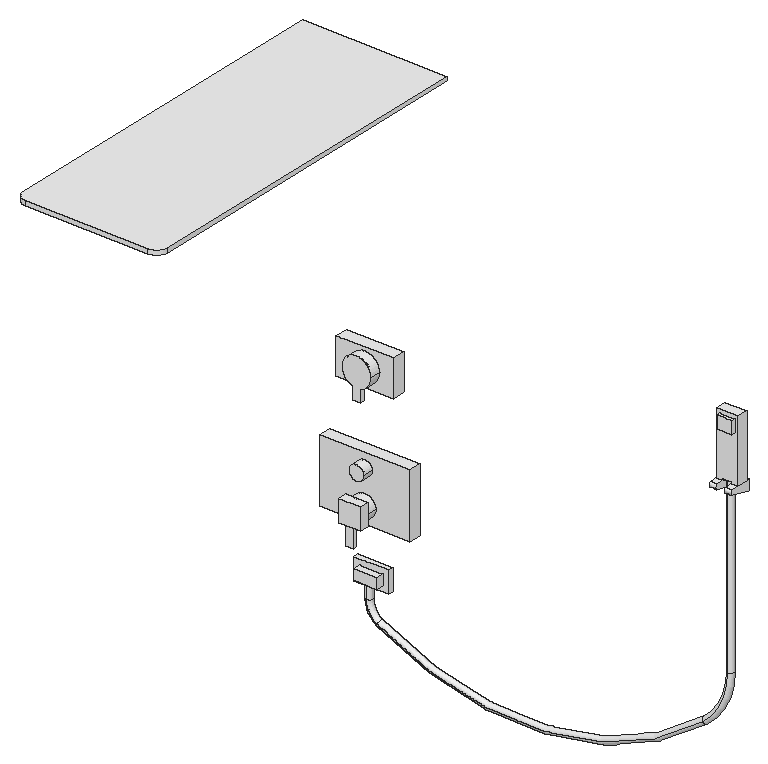
Revit family "YA4025551_Ducha Monocontrol Yangzi Pro", category Specialty Equipment, Revit 2019
Family settings
  Round Connector Dimension = Use Diameter
  Part Type = Normal
  Work Plane-Based = No
  Always vertical = Yes
  Cut with Voids When Loaded = No
  Shared = No
  Room Calculation Point = No
Parameters
  Temperatura de uso = "De 4o C a 66o C (40o F y 150o F)"  # constant formula
  Resistencia de la Manija al Torque Maximo = "12 L/min (2,5 gpm)"  # constant formula
  Resistencia al Torqué de Roscas Metálicas = "(1/2), hasta 61 N-m (45 Lb-pie.)"  # constant formula
  Profundidad = 500 mm
  Presion minima = "138 kPa (20 psi)"  # constant formula
  Presion maxima = "860 kPa (125 psi)"  # constant formula
  Model = "Ducha Monocrontol Yangzi Pro"  # constant formula
  Material = Corona_Cromado
  Manufacturer = "Corona"  # constant formula
  Fecha de creación = "30/07/2020"  # constant formula
  Creado por = "IDD"  # constant formula
  Ciclo de vida de la unidad de cierre = "250.000 ciclos"  # constant formula
  Capacidad de flujo = "12 L/min (2,5 gpm)"  # constant formula
  Ancho Grifo = 125 mm
  Ancho = 200 mm
  Altura ducha = 5.625 mm
  Alto Grifo = 220 mm
Reference planes
  plane 1 "Center (Front/Back)": y = 0
  plane 2: z = 0
  plane 3 "Center (Left/Right)": x = 0
  plane 4: x = -100
  plane 5: x = 100
  plane 6: y = -500
  plane 7: z = 1083.488
  plane 8: z = 1077.863
  plane 9: z = 900
  plane 10: x = -62.5
  plane 11: x = 62.5
  plane 12: z = 720
  plane 13: z = 500
  plane 14: x = 487.877
  plane 15: x = 517.877
Forms (mm)
  Extrusion 1, solid, material "Corona_Cromado" <- "Material"
    sketch origin (0, 0, 0) x (1, 0, 0) y (0, 1, 0)
      loop
        line (-100, 0) -> (-100, -485)
        arc (-100, -485) -> (-95.607, -495.607) -> (-85, -500) r 15
        line (-85, -500) -> (85, -500)
        arc (85, -500) -> (95.607, -495.607) -> (100, -485) r 15
        line (100, -485) -> (100, 0) -> (-100, 0)
    from 1077.863 to 1083.373
  Extrusion 2, solid, material "Corona_Cromado" <- "Material"
    sketch origin (0, 0, 0) x (1, 0, 0) y (0, 0, 1)
      loop
        line (-62.5, 588.942) -> (-62.5, 500) -> (62.5, 500) -> (62.5, 588.942) -> (-62.5, 588.942)
      loop
        line (-39.726, 720) -> (-39.726, 670) -> (39.726, 670) -> (39.726, 720) -> (-39.726, 720)
    from 0 to 17.581
  Extrusion 3, solid, material "Corona_Cromado" <- "Material"
    sketch origin (0, 0, 0) x (1, 0, 0) y (0, 0, 1)
      loop
        circle (0, 695) r 20
      loop
        circle (0, 569.757) r 10
      loop
        circle (0, 522.845) r 15
    from 17.581 to 31.582
  Extrusion 4, solid, material "Corona_Cromado" <- "Material"
    sketch origin (0, 0, 0) x (1, 0, 0) y (0, 0, 1)
      loop
        line (-15, 537.845) -> (-15, 507.845) -> (15, 507.845) -> (15, 537.845) -> (-15, 537.845)
    from 31.582 to 43.622
  Extrusion 5, solid, material "Corona_Cromado" <- "Material"
    sketch origin (0, 0, 0) x (1, 0, 0) y (0, 0, 1)
      loop
        line (-5, 507.845) -> (-5, 482.845) -> (5, 482.845) -> (5, 507.845) -> (-5, 507.845)
    from 39.361 to 43.622
  Extrusion 6, solid, material "Corona_Cromado" <- "Material"
    sketch origin (0, 0, 0) x (1, 0, 0) y (0, 1, 0)
      loop
        circle (-82.182, -278.498) r 5
      loop
        circle (-63.75, -278.498) r 5
      loop
        circle (-45.318, -278.498) r 5
      loop
        circle (-26.887, -278.498) r 5
      loop
        circle (-8.455, -278.498) r 5
      loop
        circle (9.976, -278.498) r 5
      loop
        circle (28.408, -278.498) r 5
      loop
        circle (46.839, -278.498) r 5
      loop
        circle (65.271, -278.498) r 5
      loop
        circle (83.702, -278.498) r 5
      loop
        circle (-82.182, -300.257) r 5
      loop
        circle (-63.75, -300.257) r 5
      loop
        circle (-45.318, -300.257) r 5
      loop
        circle (-26.887, -300.257) r 5
      loop
        circle (-8.455, -300.257) r 5
      loop
        circle (9.976, -300.257) r 5
      loop
        circle (28.408, -300.257) r 5
      loop
        circle (46.839, -300.257) r 5
      loop
        circle (65.271, -300.257) r 5
      loop
        circle (83.702, -300.257) r 5
      loop
        circle (-82.182, -322.015) r 5
      loop
        circle (-63.75, -322.015) r 5
      loop
        circle (-45.318, -322.015) r 5
      loop
        circle (-26.887, -322.015) r 5
      loop
        circle (-8.455, -322.015) r 5
      loop
        circle (9.976, -322.015) r 5
      loop
        circle (28.408, -322.015) r 5
      loop
        circle (46.839, -322.015) r 5
      loop
        circle (65.271, -322.015) r 5
      loop
        circle (83.702, -322.015) r 5
      loop
        circle (-82.182, -343.774) r 5
      loop
        circle (-63.75, -343.774) r 5
      loop
        circle (-45.318, -343.774) r 5
      loop
        circle (-26.887, -343.774) r 5
      loop
        circle (-8.455, -343.774) r 5
      loop
        circle (9.976, -343.774) r 5
      loop
        circle (28.408, -343.774) r 5
      loop
        circle (46.839, -343.774) r 5
      loop
        circle (65.271, -343.774) r 5
      loop
        circle (83.702, -343.774) r 5
      loop
        circle (-82.182, -365.532) r 5
      loop
        circle (-63.75, -365.532) r 5
      loop
        circle (-45.318, -365.532) r 5
      loop
        circle (-26.887, -365.532) r 5
      loop
        circle (-8.455, -365.532) r 5
      loop
        circle (9.976, -365.532) r 5
      loop
        circle (28.408, -365.532) r 5
      loop
        circle (46.839, -365.532) r 5
      loop
        circle (65.271, -365.532) r 5
      loop
        circle (83.702, -365.532) r 5
      loop
        circle (-82.182, -387.29) r 5
      loop
        circle (-63.75, -387.29) r 5
      loop
        circle (-45.318, -387.29) r 5
      loop
        circle (-26.887, -387.29) r 5
      loop
        circle (-8.455, -387.29) r 5
      loop
        circle (9.976, -387.29) r 5
      loop
        circle (28.408, -387.29) r 5
      loop
        circle (46.839, -387.29) r 5
      loop
        circle (65.271, -387.29) r 5
      loop
        circle (83.702, -387.29) r 5
      loop
        circle (-82.182, -409.049) r 5
      loop
        circle (-63.75, -409.049) r 5
      loop
        circle (-45.318, -409.049) r 5
      loop
        circle (-26.887, -409.049) r 5
      loop
        circle (-8.455, -409.049) r 5
      loop
        circle (9.976, -409.049) r 5
      loop
        circle (28.408, -409.049) r 5
      loop
        circle (46.839, -409.049) r 5
      loop
        circle (65.271, -409.049) r 5
      loop
        circle (83.702, -409.049) r 5
      loop
        circle (-82.182, -430.807) r 5
      loop
        circle (-63.75, -430.807) r 5
      loop
        circle (-45.318, -430.807) r 5
      loop
        circle (-26.887, -430.807) r 5
      loop
        circle (-8.455, -430.807) r 5
      loop
        circle (9.976, -430.807) r 5
      loop
        circle (28.408, -430.807) r 5
      loop
        circle (46.839, -430.807) r 5
      loop
        circle (65.271, -430.807) r 5
      loop
        circle (83.702, -430.807) r 5
      loop
        circle (-82.182, -452.566) r 5
      loop
        circle (-63.75, -452.566) r 5
      loop
        circle (-45.318, -452.566) r 5
      loop
        circle (-26.887, -452.566) r 5
      loop
        circle (-8.455, -452.566) r 5
      loop
        circle (9.976, -452.566) r 5
      loop
        circle (28.408, -452.566) r 5
      loop
        circle (46.839, -452.566) r 5
      loop
        circle (65.271, -452.566) r 5
      loop
        circle (83.702, -452.566) r 5
      loop
        circle (-82.182, -474.324) r 5
      loop
        circle (-63.75, -474.324) r 5
      loop
        circle (-45.318, -474.324) r 5
      loop
        circle (-26.887, -474.324) r 5
      loop
        circle (-8.455, -474.324) r 5
      loop
        circle (9.976, -474.324) r 5
      loop
        circle (28.408, -474.324) r 5
      loop
        circle (46.839, -474.324) r 5
      loop
        circle (65.271, -474.324) r 5
      loop
        circle (83.702, -474.324) r 5
    from 1076.006 to 1077.863
  Extrusion 7, solid, material "Corona_Cromado" <- "Material"
    sketch origin (0, 0, 0) x (1, 0, 0) y (0, 0, 1)
      loop
        line (-23.981, 446.363) -> (-23.981, 416.363) -> (23.981, 416.363) -> (23.981, 446.363) -> (-23.981, 446.363)
    from 0 to 6.432
  Extrusion 8, solid, material "Corona_Cromado" <- "Material"
    sketch origin (0, 0, 0) x (1, 0, 0) y (0, 0, 1)
      loop
        line (15.981, 438.363) -> (-15.981, 438.363) -> (-15.981, 424.363) -> (15.981, 424.363) -> (15.981, 438.363)
    from 6.432 to 17.581
  Sweep 9, solid, material "Corona_Cromado" <- "Material"
    path origin (0, 0, 0) x (1, 0, 0) y (0, 0, 1)
      loop
        line (1.25, 424.363) -> (1.25, 406.281)
        arc (1.25, 406.281) -> (5.286, 391.251) -> (16.308, 380.266) r 30
        arc (16.308, 380.266) -> (248.283, 328.678) -> (468.419, 418.196) r 398.819
        arc (468.419, 418.196) -> (493.95, 450.987) -> (503.04, 491.54) r 95
        line (503.04, 491.54) -> (503.04, 730.319)
    profile origin (1.25, 0, 415.322) x (0, -1, 0) y (1, 0, 0)
      loop
        circle (11.751, 0) r 4.549
  Extrusion 10, solid, material "Corona_Cromado" <- "Material"
    sketch origin (0, 0, 0) x (1, 0, 0) y (0, 0, 1)
      loop
        line (487.877, 815.776) -> (487.877, 728.706) -> (517.877, 728.706) -> (517.877, 815.776) -> (487.877, 815.776)
    from 3.388 to 17.581
  Extrusion 11, solid, material "Corona_Cromado" <- "Material"
    sketch origin (0, 0, 0) x (0, 1, 0) y (0, 0, 1)
      loop
        line (0, 730.649) -> (-26.816, 727.83)
        arc (-26.816, 727.83) -> (-29.287, 725.16) -> (-27.596, 721.938) r 3.153
        line (-27.596, 721.938) -> (0, 715.295) -> (0, 730.649)
    from 487.877 to 517.877
  Extrusion 12, void
    sketch origin (0, 0, 0) x (1, 0, 0) y (0, 0, 1)
      loop
        line (496.873, 714.375) -> (508.715, 714.375) -> (508.715, 730.649) -> (496.873, 730.649) -> (496.873, 714.375)
    from 0 to 250
  Extrusion 13, solid, material "Corona_Cromado" <- "Material"
    sketch origin (0, 0, 0) x (1, 0, 0) y (0, 0, 1)
      loop
        line (492.877, 810.776) -> (492.877, 793.108) -> (512.877, 793.108) -> (512.877, 810.776) -> (492.877, 810.776)
    from 17.581 to 22.157
  Extrusion 14, solid, material "Corona_Cromado" <- "Material"
    sketch origin (0, 0, 0) x (1, 0, 0) y (0, 0, 1)
      loop
        line (-5, 678.295) -> (-5, 658.295) -> (5, 658.295) -> (5, 678.295) -> (-5, 678.295)
    from 26.396 to 31.582
Cuts and joins
  Extrusion 12 cuts Extrusion 10
  Extrusion 12 cuts Extrusion 11
  joined: Extrusion 3, Extrusion 14
Lines and regions (mm)
  symbolic lines
    curve 1: line (-23.981, 0, 0) -> (23.981, 0, 0)
    curve 2: line (487.877, 0, 0) -> (496.873, 0, 0)
    curve 3: line (487.877, -7.202, 0) -> (487.877, 0, 0)
    curve 4: line (496.873, -29.314, 0) -> (487.877, -29.314, 0)
    curve 5: line (496.873, 0, 0) -> (496.873, -3.388, 0)
    curve 6: line (508.715, 0, 0) -> (517.877, 0, 0)
    curve 7: line (508.715, -3.388, 0) -> (508.715, 0, 0)
    curve 8: line (517.877, -29.314, 0) -> (508.715, -29.314, 0)
    curve 9: line (517.877, 0, 0) -> (517.877, -29.314, 0)
    curve 10: line (487.877, -3.388, 0) -> (517.877, -3.388, 0)
    curve 11: line (487.877, -17.581, 0) -> (487.877, -3.388, 0)
    curve 12: line (517.877, -17.581, 0) -> (487.877, -17.581, 0)
    curve 13: line (517.877, -3.388, 0) -> (517.877, -17.581, 0)
    curve 14: line (487.877, -16.489, 0) -> (487.877, -29.314, 0)
    curve 15: line (496.873, -29.314, 0) -> (496.873, -17.581, 0)
    curve 16: line (508.715, -17.581, 0) -> (508.715, -29.314, 0)
    curve 17: line (487.877, -7.202, 0) -> (100, -7.202, 0)
    curve 18: line (487.877, -16.489, 0) -> (487.877, -7.202, 0)
    curve 19: line (100, -16.489, 0) -> (487.877, -16.489, 0)
    curve 20: line (100, -7.202, 0) -> (100, -16.489, 0)
Dimensions and locks
  equal spacing: plane 4, plane 3 "Center (Left/Right)", plane 5
  "Ancho": plane 4 to plane 5
  "Profundidad": plane 6 to plane 1 "Center (Front/Back)"
  "Altura ducha": plane 7 to plane 8
  equal spacing: plane 10, plane 3 "Center (Left/Right)", plane 11
  "Ancho Grifo": plane 10 to plane 11
  "Alto Grifo": plane 12 to plane 13
  aligned and locked: level to plane 2
Automatic sketch dimensions
  Extrusion 1 sketch curve to plane 4 = 0 mm
  Extrusion 1 sketch curve to plane 6 = 0 mm
  plane 1 "Center (Front/Back)" to Extrusion 1 sketch curve = 0 mm
  Extrusion 1 sketch curve to plane 5 = 0 mm
  Extrusion 1 sketch curve to Extrusion 1 sketch curve = 15 mm  (x2)
  Extrusion 3 sketch curve to Extrusion 3 sketch curve = 0 mm  (x2)
  Extrusion 3 sketch curve to plane 3 "Center (Left/Right)" = 0 mm  (x3)
  plane 13 to Extrusion 3 sketch curve = 22.845 mm
  Extrusion 3 sketch curve to Extrusion 3 sketch curve = 46.912 mm
  Extrusion 3 sketch curve to plane 12 = 25 mm
  Extrusion 3 sketch curve to plane 3 "Center (Left/Right)" = 10 mm
  plane 13 to Extrusion 4 sketch curve = 7.845 mm
  Extrusion 4 sketch curve to plane 3 "Center (Left/Right)" = 15 mm
  plane 3 "Center (Left/Right)" to Extrusion 4 sketch curve = 15 mm
  Extrusion 4 sketch curve to Extrusion 4 sketch curve = 30 mm
  plane 4 to Extrusion 6 sketch curve = 17.818 mm  (x10)
  Extrusion 6 sketch curve to plane 10 = 1.25 mm  (x10)
  plane 10 to Extrusion 6 sketch curve = 17.182 mm  (x10)
  Extrusion 6 sketch curve to Extrusion 6 sketch curve = 18.432 mm  (x20)
  Extrusion 6 sketch curve to plane 3 "Center (Left/Right)" = 8.455 mm  (x10)
  plane 3 "Center (Left/Right)" to Extrusion 6 sketch curve = 9.976 mm  (x10)
  Extrusion 6 sketch curve to plane 11 = 15.661 mm  (x10)
  plane 11 to Extrusion 6 sketch curve = 2.771 mm  (x10)
  Extrusion 6 sketch curve to plane 5 = 16.298 mm  (x10)
  plane 6 to Extrusion 6 sketch curve = 25.676 mm
  Extrusion 6 sketch curve to Extrusion 6 sketch curve = 0 mm  (x90)
  Extrusion 6 sketch curve to Extrusion 6 sketch curve = 21.758 mm  (x9)
  Extrusion 2 sketch curve to plane 10 = 0 mm
  Extrusion 2 sketch curve to plane 12 = 0 mm
  Extrusion 2 sketch curve to plane 11 = 0 mm
  Extrusion 2 sketch curve to plane 13 = 0 mm
  plane 10 to Extrusion 2 sketch curve = 22.774 mm
  Extrusion 2 sketch curve to plane 11 = 22.774 mm
  Extrusion 2 sketch curve to Extrusion 2 sketch curve = 88.942 mm
  Extrusion 2 sketch curve to plane 12 = 50 mm
  Extrusion 7 sketch curve to plane 3 "Center (Left/Right)" = 23.981 mm
  plane 3 "Center (Left/Right)" to Extrusion 7 sketch curve = 23.981 mm
  Extrusion 7 sketch curve to plane 13 = 83.637 mm
  Extrusion 7 sketch curve to Extrusion 7 sketch curve = 30 mm
  Extrusion 8 sketch curve to plane 3 "Center (Left/Right)" = 15.981 mm
  plane 3 "Center (Left/Right)" to Extrusion 8 sketch curve = 15.981 mm
  Extrusion 8 sketch curve to plane 13 = 75.637 mm
  Extrusion 8 sketch curve to Extrusion 8 sketch curve = 14 mm
  Sweep 9 sketch curve to profile plane = 0 mm
  plane 1 "Center (Front/Back)" to Sweep 9 sketch curve = 11.751 mm
  Extrusion 10 sketch curve to plane 14 = 0 mm
  Extrusion 10 sketch curve to plane 15 = 0 mm
  plane 12 to Extrusion 10 sketch curve = 8.706 mm
  Extrusion 10 sketch curve to Extrusion 10 sketch curve = 87.07 mm
  Extrusion 11 sketch curve to plane 1 "Center (Front/Back)" = 0 mm
  plane 12 to Extrusion 11 sketch curve = 4.746 mm
  plane 1 "Center (Front/Back)" to Extrusion 11 sketch curve = 26.161 mm
  plane 12 to Extrusion 11 sketch curve = 7.83 mm
  Extrusion 11 sketch curve to Extrusion 11 sketch curve = 0.656 mm
  plane 12 to Extrusion 11 sketch curve = 1.938 mm
  Extrusion 11 sketch curve to plane 12 = 4.705 mm
  plane 12 to Extrusion 11 sketch curve = 10.649 mm
  plane 14 to Extrusion 12 sketch curve = 8.996 mm
  Extrusion 12 sketch curve to plane 15 = 9.162 mm
  Extrusion 12 sketch curve to plane 12 = 5.625 mm
  plane 12 to Extrusion 12 sketch curve = 10.649 mm
  Extrusion 13 sketch curve to plane 15 = 5 mm
  Extrusion 13 sketch curve to Extrusion 13 sketch curve = 17.668 mm
  plane 12 to Extrusion 13 sketch curve = 73.108 mm
  plane 14 to Extrusion 13 sketch curve = 5 mm
  plane 3 "Center (Left/Right)" to Sweep 9 sketch curve = 1.25 mm
  Sweep 9 sketch curve to Sweep 9 sketch curve = 30 mm
  plane 12 to Sweep 9 sketch curve = 6.1 mm
  plane 5 to Sweep 9 sketch curve = 114.941 mm
  Sweep 9 sketch curve to plane 13 = 8.46 mm
  Sweep 9 sketch curve to plane 14 = 79.837 mm
  Sweep 9 sketch curve to plane 15 = 14.837 mm
  Sweep 9 sketch curve to plane 13 = 93.719 mm
  Sweep 9 sketch curve to Sweep 9 sketch curve = 0 mm
  Sweep 9 sketch curve to Sweep 9 sketch curve = 18.082 mm
  plane 12 to Sweep 9 sketch curve = 10.319 mm
  Extrusion 5 sketch curve to plane 3 "Center (Left/Right)" = 5 mm
  plane 3 "Center (Left/Right)" to Extrusion 5 sketch curve = 5 mm
  Extrusion 5 sketch curve to plane 13 = 17.155 mm
  plane 13 to Extrusion 5 sketch curve = 7.845 mm
  Extrusion 14 sketch curve to plane 3 "Center (Left/Right)" = 5 mm
  plane 3 "Center (Left/Right)" to Extrusion 14 sketch curve = 5 mm
  Extrusion 14 sketch curve to plane 12 = 61.705 mm
  Extrusion 14 sketch curve to Extrusion 14 sketch curve = 20 mm
  plane 1 "Center (Front/Back)" to curve 1 = 0 mm
  curve 20 to plane 5 = 0 mm
  curve 12 to plane 14 = 0 mm
  plane 1 "Center (Front/Back)" to curve 2 = 0 mm
  curve 2 to plane 14 = 0 mm
  plane 1 "Center (Front/Back)" to curve 7 = 0 mm
  curve 13 to plane 15 = 0 mm
  curve 6 to plane 15 = 0 mm
  plane 3 "Center (Left/Right)" to curve 1 = 23.981 mm
  curve 1 to plane 3 "Center (Left/Right)" = 23.981 mm
  curve 4 to curve 4 = 8.996 mm
  curve 2 to curve 5 = 8.996 mm
  curve 7 to plane 15 = 9.162 mm
  curve 8 to plane 15 = 9.162 mm
  plane 1 "Center (Front/Back)" to curve 10 = 3.388 mm
  curve 3 to curve 10 = 3.814 mm
  curve 14 to curve 3 = 9.287 mm
  curve 11 to curve 18 = 1.091 mm
  curve 4 to curve 11 = 11.733 mm
  curve 9 to curve 12 = 11.733 mm
  radius of Extrusion 3 sketch curve = 20 mm
  radius of Extrusion 3 sketch curve = 15 mm
  radius of Extrusion 6 sketch curve = 5 mm  (x100)
  radius of Sweep 9 sketch curve = 4.549 mm
Connectors
  piping at (40, 0, 540), diameter 12.7
    settings: on Extrusion 2, index 3, connector inside diameter 609.6 mm, connector length 0 mm, flow factor 0, pipe flow 0.0 L/s, pressure drop 0.0 Pa, fitting loss kfactor 0, connector angle 0.00°, fixture units 0, engagement length 0 mm, angle of deflection 0.00°, flow configuration 0, flow direction 1, fitting loss method 0, system type 20, joint type 0, gender type 0, connector reference index -1, connector utility 0, adjustable connector no, is connector primary yes, connector description ""
  piping at (-31.25, 0, 541.25), diameter 12.7
    settings: on Extrusion 2, index 4, connector inside diameter 609.6 mm, connector length 0 mm, flow factor 0, pipe flow 0.0 L/s, pressure drop 0.0 Pa, fitting loss kfactor 0, connector angle 0.00°, fixture units 0, engagement length 0 mm, angle of deflection 0.00°, flow configuration 0, flow direction 1, fitting loss method 0, system type 19, joint type 0, gender type 0, connector reference index -1, connector utility 0, adjustable connector no, is connector primary no, connector description ""
  piping at (21.875, 0, 695), diameter 12.7
    settings: on Extrusion 2, index 5, connector inside diameter 609.6 mm, connector length 0 mm, flow factor 0, pipe flow 0.0 L/s, pressure drop 0.0 Pa, fitting loss kfactor 0, connector angle 0.00°, fixture units 0, engagement length 0 mm, angle of deflection 0.00°, flow configuration 0, flow direction 1, fitting loss method 0, system type 20, joint type 0, gender type 0, connector reference index -1, connector utility 0, adjustable connector no, is connector primary no, connector description ""
  piping at (-25, 0, 695), diameter 12.7
    settings: on Extrusion 2, index 6, connector inside diameter 609.6 mm, connector length 0 mm, flow factor 0, pipe flow 0.0 L/s, pressure drop 0.0 Pa, fitting loss kfactor 0, connector angle 0.00°, fixture units 0, engagement length 0 mm, angle of deflection 0.00°, flow configuration 0, flow direction 1, fitting loss method 0, system type 19, joint type 0, gender type 0, connector reference index -1, connector utility 0, adjustable connector no, is connector primary no, connector description ""
